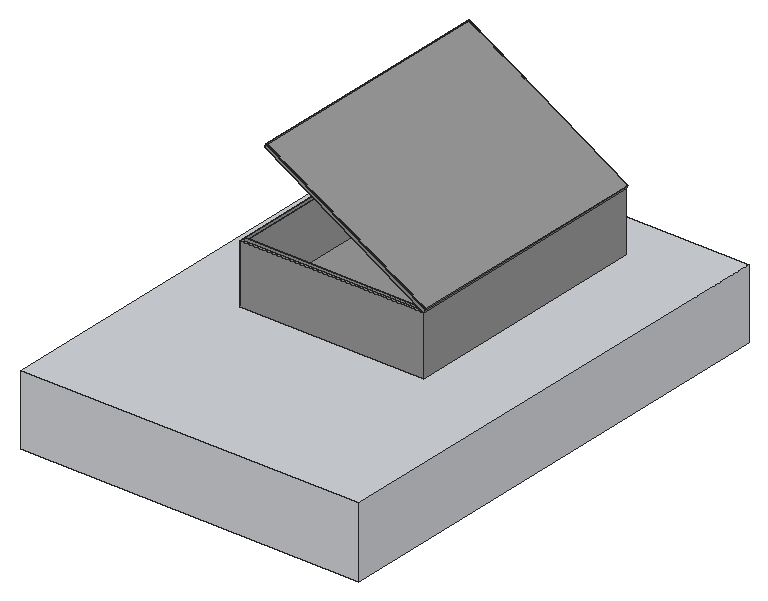
Revit family "Hager-Univers-IP55-D275-H1100-Cl.II-Steel_encl-DE-de", category Equipement électrique, Revit 2020
Family settings
  Hôte = Face
  Configuration du panneau = Deux colonnes, circuits au sein
  Cote de connecteur circulaire = Utiliser le diamètre
  Type d'élément = Tableau de raccordement
  Couper avec des vides une fois chargée = Non
  Partagée = Non
  Point de calcul de pièce = Non
Parameters (values of type "Aufputz IP55 B800 H1100 T275  - FR73S")
  Width Control [instance] = if([EF000008 - Breite] > Min Width, [EF000008 - Breite], Min Width)  # 800 mm
  Commentaires du type = [HG000003 - Bereich]  # "Univers"
  Thickness Door [instance] = if([EF009171 - Materialstärke Tür/Deckel] > 3 mm, 3 mm, [EF009171 - Materialstärke Tür/Deckel])  # 1.5 mm
  Seal Frame Offset [instance] = 17 mm  # constant formula
  Plinth Visibility [instance] = [HG000027 - Sockelhöhe] > 0 mm  # no
  Model = ""
  Min Width [instance] = 100 mm  # constant formula
  Min Height [instance] = 100 mm  # constant formula
  Min Depth [instance] = (2 * [EF009170 - Materialstärke Gehäuse]) + 1 mm  # 4 mm
  Internal Frame Depth [instance] = (Door System Depth * 0.5)  # 9 mm
  Height Control [instance] = if([EF000040 - Höhe] > Min Height, [EF000040 - Höhe], Min Height)  # 1100 mm
  HG000027 - Sockelhöhe = 0 mm
  HG000026 - Stehend auf dem Boden = no
  HG000024 - Höhe des unteren Teils = 800 mm
  HG000023 - Gehäuse mit doppeltem Querschnitt = no
  HG000016 - 3D-Türsichtbarkeit [instance] = yes
  HG000015 - Sichtbarkeit der Türöffnung [instance] = no
  HG000014 - Tür rechts [instance] = yes
  HG000013 - Tür links [instance] = not([HG000014 - Tür rechts])  # no
  HG000012 - Türschwenkwinkel [instance] = 30.00°
  HG000010 - Asymmetrische Türen = no
  HG000009 - Doppelflügeligen Tür = no
  HG000006 - Unterputz = no
  HG000004 - Herstellerreferenz = "FR73S"
  HG000003 - Bereich = "Univers"
  HG000002 - Mit tür = yes
  Frame Offset Bottom [instance] = 10 mm  # constant formula
  Frame Offset [instance] = 15 mm  # constant formula
  EF015940 - Deckel mit Überdruckentlastung = no
  EF011959 - Schutzart (NEMA) = ""
  EF009554 - Anzahl der Öffnungen für Flanschplatten = 6
  Fabricant = "Hager"  # constant formula
  EF009212 - Ausführung Deckel = "EV000116 - geschlossen"
  EF009171 - Materialstärke Tür/Deckel = 1.5 mm
  EF009170 - Materialstärke Gehäuse = 1.5 mm
  EF008873 - Nennstrom (In) = 800 A
  EF007800 - Geeignet für Blitzschutz = no
  EF006306 - Mit Schloss = no
  EF006244 - Transparenter Deckel/Tür = no
  EF005474 - Schutzart (IP) = "EV006420 - IP55"
  EF004464 - Art der Tür = "EV002646 - Einzel"
  EF004427 - Anzahl der Module = 252
  EF004293 - Schlagfestigkeit = "EV008784 - IK10"
  EF003532 - Geeignet für Außengebrauch = no
  EF002950 - Breite in Teilungseinheiten = 24
  EF001613 - Funktionserhalt = "EV000494 - ohne"
  EF001596 - Werkstoff des Gehäuses = "EV000179 - Stahl"
  EF001131 - Innentiefe = 275 mm
  EF001088 - Anbaumöglichkeit = yes
  EF000437 - Anzahl der Leitungseinführungen = 6
  EF000339 - Art der Abdeckung = "EV004216 - Tür"
  EF000266 - Anzahl der Reihen = 7
  EF000218 - Einbautiefe = 0 mm
  EF000118 - Mit Montageplatte = no
  EF000116 - RAL-Nummer = "7035"
  EF000049 - Tiefe = 275 mm
  EF000040 - Höhe = 1100 mm
  EF000008 - Breite = 800 mm
  EF000007 - Farbe = "EV000270 - grau"
  EF000003 - Montageart = "EV000384 - Aufputz"
  Door System Leaf Tolerance [instance] = 1.5 mm  # constant formula
  Door System Depth [instance] = 18 mm  # constant formula
  Door Height [instance] = Height Control - [HG000027 - Sockelhöhe]  # 1100 mm
  Depth Control [instance] = if([EF000049 - Tiefe] > Min Depth, [EF000049 - Tiefe], Min Depth)  # 275 mm
  Default Elevation = 0 mm
  Connector Offset [instance] = Height Control / 2  # 550 mm
  Bottom Top Plate Trim [instance] = 1.5 mm  # constant formula
  Plinth height Ctrl [instance] = if([HG000027 - Sockelhöhe] > 0 mm, [HG000027 - Sockelhöhe], 12 mm)  # 12 mm
Types (5, lengths in mm): name | Width Control | HG000010 - Asymmetrische Türen | HG000009 - Doppelflügeligen Tür | HG000004 - Herstellerreferenz | EF009554 - Anzahl der Öffnungen für Flanschplatten | EF004464 - Art der Tür | EF004427 - Anzahl der Module | EF000437 - Anzahl der Leitungseinführungen | EF000008 - Breite
  Aufputz IP55 B1050 H1100 T275  - FR74S | 1050 | no | yes | "FR74S" | 8 | "EV003602 - Doppel" | 336 | 8 | 1050
  Aufputz IP55 B1300 H1100 T275  - FR75S | 1300 | yes | yes | "FR75S" | 10 | "EV003602 - Doppel" | 420 | 10 | 1300
  Aufputz IP55 B300 H1100 T275  - FR71S | 300 | no | no | "FR71S" | 2 | "EV002646 - Einzel" | 84 | 2 | 300
  Aufputz IP55 B550 H1100 T275  - FR72S | 550 | no | no | "FR72S" | 4 | "EV002646 - Einzel" | 168 | 4 | 550
  Aufputz IP55 B800 H1100 T275  - FR73S | 800 | no | no | "FR73S" | 6 | "EV002646 - Einzel" | 252 | 6 | 800
Reference planes
  plane 1 "Center (Front/Back)": y = 0
  plane 2: z = 0
  plane 3 "Center (Left/Right)": x = 0
  plane 4: z = 275
  plane 5: y = 1.5
  plane 6: y = 550
  plane 7: y = 0
  plane 8: y = 1100
  plane 9: z = 0
  plane 10: x = -385
  plane 11: x = 385
  plane 12: x = 383.5
  plane 13: x = -383.5
  plane 14: y = 1098.5
  plane 15: x = -383
  plane 16: x = -400
  plane 17: x = 383
  plane 18: x = 400
  plane 19: x = 398.5
  plane 20: x = -398.5
  plane 21: y = 11.5
  plane 22: y = 1100
  plane 23: y = 1083.5
  plane 24: z = 257
  plane 25: z = 1.5
  plane 26: z = 255.5
  plane 27: z = 273.5
Forms (mm)
  Extrusion 1, solid
    sketch origin (0, 0, 0) x (1, 0, 0) y (0, 1, 0)
      loop
        line (-702.964, 1305) -> (-702.964, -811.445) -> (766.763, -811.445) -> (766.763, 1305) -> (-702.964, 1305)
    from 0 to -304.8
  Extrusion 2, solid, material "Hager_Steel_RAL7035_Light_Grey", visible <- "Plinth Visibility", detail levels medium+fine
    sketch origin (0, 0, 0) x (1, 0, 0) y (0, 1, 0)
      loop
        line (-400, 0) -> (400, 0) -> (400, 12) -> (-400, 12) -> (-400, 0)
    from 0 to 257
  Extrusion 3, solid, material "Hager_Steel_RAL7035_Light_Grey", detail levels medium+fine
    sketch origin (0, 0, 0) x (1, 0, 0) y (0, 1, 0)
      loop
        line (-400, 0) -> (400, 0) -> (400, 1100) -> (-400, 1100) -> (-400, 0)
    from 0 to 257
  Extrusion 4, void
    sketch origin (0, 0, 0) x (1, 0, 0) y (0, 1, 0)
      loop
        line (-398.5, 1.5) -> (398.5, 1.5) -> (398.5, 1098.5) -> (-398.5, 1098.5) -> (-398.5, 1.5)
    from 1.5 to 255.5
  Extrusion 5, void
    sketch origin (-381.607, -4572, 257) x (0, -1, 0) y (-1, 0, 0)
      loop
        line (-4583.5, 1.893) -> (-5655.5, 1.893) -> (-5655.5, -765.107) -> (-4583.5, -765.107) -> (-4583.5, 1.893)
    from 0 to 1.5 <- "EF009170 - Materialstärke Gehäuse"
  Extrusion 6, solid, material "Hager_Steel_RAL7035_Light_Grey", detail levels fine
    sketch origin (0, 0, 257) x (1, 0, 0) y (0, 1, 0)
      loop
        line (-383.5, 1083.5) -> (-383.5, 11.5) -> (383.5, 11.5) -> (383.5, 1083.5) -> (-383.5, 1083.5)
      loop
        line (-385, 10) -> (385, 10) -> (385, 1085) -> (-385, 1085) -> (-385, 10)
    from 0 to 9 <- "Internal Frame Depth"
  Extrusion 7, solid, material "Hager_Steel_RAL7035_Light_Grey", detail levels coarse
    sketch origin (0, 0, 0) x (1, 0, 0) y (0, 1, 0)
      loop
        line (-400, 0) -> (400, 0) -> (400, 1100) -> (-400, 1100) -> (-400, 0)
    from 0 to 275
  Sweep 8, void
    path in 3D
      loop
        line (-400, 12, 0) -> (400, 12, 0) -> (400, 12, 257) -> (-400, 12, 257) -> (-400, 12, 0)
    profile origin (-400, 12, 128.5) x (-1, 0, 0) y (0, -1, 0)
      loop
        line (0, 0) -> (0, 1.5) -> (-1.5, 1.5)
        arc (-1.5, 1.5) -> (-1.061, 0.439) -> (0, 0) r 1.5
Cuts and joins
  Extrusion 4, Extrusion 5 cuts Extrusion 3
  Sweep 8 cuts Extrusion 2
Lines and regions (mm)
  Masking region 1
    outline origin (0, 0, 0) x (1, 0, 0) y (0, 0, 1)
      loop
        line (-400, 275) -> (-400, 0) -> (400, 0) -> (400, 275) -> (-400, 275)
  Masking region 2, detail levels medium+fine
    outline origin (0, 140, 0) x (0, 1, 0) y (0, 0, 1)
      loop
        line (-140, 0) -> (960, 0) -> (960, 257) -> (-140, 257) -> (-140, 0)
  Masking region 3, not visible, detail levels medium+fine
    outline origin (0, 297.922, 0) x (0, 1, 0) y (0, 0, 1)
      loop
        line (263.578, 0) -> (303.578, 0) -> (303.578, 263.5)
        arc (303.578, 263.5) -> (300.649, 270.571) -> (293.578, 273.5) r 10
        line (293.578, 273.5) -> (263.578, 273.5) -> (263.578, 0)
  Masking region 4, detail levels coarse
    outline origin (0, 0, 180) x (0, 1, 0) y (0, 0, 1)
      loop
        line (0, -180) -> (1100, -180) -> (1100, 95) -> (0, 95) -> (0, -180)
  Masking region 5, visible <- "Plinth Visibility", detail levels medium+fine
    outline origin (0, 52.24, 12.345) x (0, 0, -1) y (0, 1, 0)
      loop
        line (10.845, -40.24) -> (-243.155, -40.24)
        arc (-243.155, -40.24) -> (-243.594, -41.301) -> (-244.655, -41.74) r 1.5
        line (-244.655, -41.74) -> (-244.655, -52.24) -> (12.345, -52.24) -> (12.345, -41.74)
        arc (12.345, -41.74) -> (11.285, -41.301) -> (10.845, -40.24) r 1.5
  Masking region 6, detail levels medium+fine
    outline origin (-381.607, -4572, 257) x (-1, 0, 0) y (0, -1, 0)
      loop
        line (18.393, -5672) -> (18.393, -4572) -> (-781.607, -4572) -> (-781.607, -5672) -> (18.393, -5672)
  Masking region 7, visible <- "Plinth Visibility", detail levels medium+fine
    outline origin (-381.607, -4727, 257) x (-1, 0, 0) y (0, -1, 0)
      loop
        arc (16.893, -4739) -> (17.332, -4737.939) -> (18.393, -4737.5) r 1.5
        line (18.393, -4737.5) -> (18.393, -4727) -> (-781.607, -4727) -> (-781.607, -4737.5)
        arc (-781.607, -4737.5) -> (-780.546, -4737.939) -> (-780.107, -4739) r 1.5
        line (-780.107, -4739) -> (16.893, -4739)
  Masking region 8, detail levels coarse
    outline origin (-442.548, -4669.526, 257) x (-1, 0, 0) y (0, -1, 0)
      loop
        line (-42.548, -5769.526) -> (-42.548, -4669.526) -> (-842.548, -4669.526) -> (-842.548, -5769.526) -> (-42.548, -5769.526)
  sketch lines
    curve 1: line (-400, 12, 257) -> (-400, 12, 0)
    curve 2: line (400, 12, 257) -> (-400, 12, 257)
    curve 3: line (400, 12, 257) -> (400, 12, 0)
    curve 4: line (-400, 12, 0) -> (400, 12, 0)
Dimensions and locks
  "Depth Control": plane 4 to Extrusion 1
  "HG000027 - Sockelhöhe": plane 1 "Center (Front/Back)" to plane 7
  "EF009170 - Materialstärke Gehäuse": plane 5 to plane 7
  locked: connector elem to plane 3 "Center (Left/Right)"
  equal spacing: plane 8, plane 6, plane 7
  locked: connector elem to plane 6
  "EF009170 - Materialstärke Gehäuse": plane 8 to plane 14
  "EF009170 - Materialstärke Gehäuse": plane 10 to plane 13
  "EF009170 - Materialstärke Gehäuse": plane 12 to plane 11
  "Frame Offset": plane 20 to plane 13
  "Frame Offset": plane 12 to plane 19
  "EF009170 - Materialstärke Gehäuse": plane 16 to plane 20
  "EF009170 - Materialstärke Gehäuse": plane 19 to plane 18
  "Seal Frame Offset": plane 16 to plane 15
  "Seal Frame Offset": plane 17 to plane 18
  "Frame Offset Bottom": plane 21 to plane 5
  "Frame Offset": plane 14 to plane 23
  equal spacing: plane 16, plane 3 "Center (Left/Right)", plane 18
  "Width Control": plane 16 to plane 18
  "EF009170 - Materialstärke Gehäuse": plane 4 to plane 27
  "EF009170 - Materialstärke Gehäuse": plane 24 to plane 26
  "EF009170 - Materialstärke Gehäuse": plane 25 to level
  "Door System Depth": plane 4 to plane 24
  "Height Control": plane 1 "Center (Front/Back)" to Extrusion 7 sketch curve
  "Height Control": Masking region 4 sketch curve to plane 1 "Center (Front/Back)"
  "Height Control": plane 1 "Center (Front/Back)" to plane 22
  "Bottom Top Plate Trim": profile plane to Sweep 8 sketch curve
  "Bottom Top Plate Trim": Sweep 8 sketch curve to profile plane
  "Plinth height Ctrl": plane 1 "Center (Front/Back)" to Extrusion 2 sketch curve
  "Plinth height Ctrl": Masking region 5 sketch curve to plane 1 "Center (Front/Back)"
  "Plinth height Ctrl": plane 1 "Center (Front/Back)" to Masking region 7 sketch curve
  "Thickness Door": Extrusion 6 sketch curve to Extrusion 6 sketch curve  (x3)
  "Thickness Door": cut or joined group of Extrusion 3, Extrusion 4, Extrusion 5 to Extrusion 6 sketch curve
  radius of Masking region 3 sketch curve = 10 mm
  "Bottom Top Plate Trim": radius of Masking region 5 sketch curve  (x2)
  "Bottom Top Plate Trim": radius of Sweep 8 sketch curve
  "Bottom Top Plate Trim": radius of Masking region 7 sketch curve  (x2)
  aligned and locked: plane 2 to Extrusion 1
  aligned and locked: level to Extrusion 1
  aligned and locked: level to Masking region 1 sketch curve
  aligned and locked: Masking region 1 sketch curve to plane 18
  aligned and locked: Masking region 1 sketch curve to plane 16
  aligned and locked: plane 7 to Masking region 2 sketch curve
  aligned and locked: level to Masking region 3 sketch curve
  aligned and locked: Masking region 3 sketch curve to plane 27
  aligned and locked: level to Masking region 2 sketch curve
  aligned and locked: plane 1 "Center (Front/Back)" to Extrusion 2 sketch curve
  aligned and locked: Extrusion 3 sketch curve to plane 7
  aligned and locked: plane 16 to Extrusion 3 sketch curve
  aligned and locked: plane 18 to Extrusion 3 sketch curve
  aligned and locked: plane 20 to Extrusion 4 sketch curve
  aligned and locked: plane 19 to Extrusion 4 sketch curve
  aligned and locked: Extrusion 4 sketch curve to plane 5
  aligned and locked: Extrusion 4 to plane 25
  aligned and locked: plane 26 to Extrusion 4
  aligned and locked: plane 24 to Extrusion 3
  aligned and locked: Extrusion 5 sketch curve to plane 21
  aligned and locked: Extrusion 5 sketch curve to plane 13
  aligned and locked: Extrusion 5 sketch curve to plane 12
  aligned and locked: plane 18 to Extrusion 7 sketch curve
  aligned and locked: plane 1 "Center (Front/Back)" to Extrusion 7 sketch curve
  aligned and locked: plane 16 to Extrusion 7 sketch curve
  aligned and locked: plane 4 to Extrusion 7
  aligned and locked: Extrusion 7 to level
  aligned and locked: level to Masking region 4 sketch curve
  aligned and locked: Masking region 4 sketch curve to plane 1 "Center (Front/Back)"
  aligned and locked: Masking region 4 sketch curve to plane 4
  aligned and locked: nested 1 to level
  aligned and locked: nested 1 to plane 16
  aligned and locked: plane 8 to Extrusion 3 sketch curve
  aligned and locked: plane 23 to Extrusion 5 sketch curve
  aligned and locked: plane 14 to Extrusion 4 sketch curve
  aligned and locked: Masking region 2 sketch curve to plane 8
  aligned and locked: level to Masking region 5 sketch curve
  aligned and locked: plane 16 to Extrusion 2 sketch curve
  aligned and locked: plane 18 to Extrusion 2 sketch curve
  aligned and locked: Masking region 5 sketch curve to plane 24
  aligned and locked: Masking region 2 sketch curve to plane 24
  aligned and locked: plane 24 to Extrusion 2
  aligned and locked: profile plane to Sweep 8 sketch curve  (x2)
  aligned and locked: Masking region 6 sketch curve to plane 18
  aligned and locked: Masking region 6 sketch curve to plane 22
  aligned and locked: Masking region 6 sketch curve to plane 16
  aligned and locked: plane 8 to plane 22
  aligned and locked: Masking region 6 sketch curve to plane 7
  aligned and locked: Masking region 7 sketch curve to plane 16
  aligned and locked: Masking region 7 sketch curve to plane 1 "Center (Front/Back)"
  aligned and locked: Masking region 7 sketch curve to plane 18
  aligned and locked: Masking region 8 sketch curve to plane 1 "Center (Front/Back)"
  aligned and locked: Masking region 8 sketch curve to plane 18
  aligned and locked: Masking region 8 sketch curve to plane 22
  aligned and locked: Masking region 8 sketch curve to plane 16
  aligned and locked: nested 2 to plane 7
  aligned and locked: plane 3 "Center (Left/Right)" to nested 2
  aligned and locked: nested 2 to plane 24
  aligned and locked: Extrusion 6 sketch curve to cut or joined group of Extrusion 3, Extrusion 4, Extrusion 5  (x4)
Automatic sketch dimensions
  Extrusion 1 sketch curve to Extrusion 1 sketch curve = 1469.727 mm
  Extrusion 1 sketch curve to Extrusion 1 sketch curve = 2116.445 mm
  Masking region 1 sketch curve to plane 4 = 0 mm
  plane 6 to Masking region 3 sketch curve = 11.5 mm
  Masking region 3 sketch curve to Masking region 3 sketch curve = 30 mm
  Masking region 5 sketch curve to plane 1 "Center (Front/Back)" = 0 mm
Nested families
  nested 1: "Hager_Enclosure_Symbol" at (-400, 0, 0) x (1, 0, 0) z (0, -1, 0), Height <- "Depth Control", Width <- "Width Control", type "Hager_Enclosure_Symbol"
    with Width_Ctrl 800 mm, Width 800 mm, Height_Ctrl 275 mm, Height 275 mm, A_Width_Int 18.047 mm, A_Width 216.562 mm, A_Height_Ctrl 240.625 mm, A_Height 240.625 mm
  nested 2: "EC000058_Univers_Door" at (0, 0, 257) x (1, 0, 0) z (0, 1, 0), Leaf_Tolerance <- "Door System Leaf Tolerance", Angle <- "HG000012 - Türschwenkwinkel", Door_Depth <- "Door System Depth", Door_Left <- "HG000013 - Tür links", Transparent <- "EF006244 - Transparenter Deckel/Tür", Assymetrical <- "HG000010 - Asymmetrische Türen", Width <- "Width Control", Clearance <- "HG000015 - Sichtbarkeit der Türöffnung", Double <- "HG000009 - Doppelflügeligen Tür", 3d_Door <- "HG000016 - 3D-Türsichtbarkeit", Lock_Visibility <- "EF006306 - Mit Schloss", Width_Ctrl <- "Width Control", Door_Right <- "HG000014 - Tür rechts", Door <- "HG000002 - Mit tür", Height <- "Door Height", Thickness <- "Thickness Door", type "EC000058_Univers_Door", detail levels medium+fine
    with min_wh 4 mm, Width_Ctrl 800 mm, Width 800 mm, Transparent no, Thickness 1.5 mm, Seal_Material Hager_Rubber, Lock_Visibility no, Lock_Material Hager_Plastic_RAL9005_Jet_Black, Leaf_Width 800 mm, Leaf_Tolerance_External_Sides 0 mm, Leaf_Tolerance 1.5 mm, Leaf_Offset 0 mm, Leaf_Height 1097 mm, Leaf_2_Width 800 mm, Leaf_2_Offset 400 mm, Leaf_1_Width 800 mm, Leaf_1_Offset 400 mm, Height_Ctrl 1100 mm, Height 1100 mm, Glass_Material Hager_Glass, Double_Clearance_Ctrl no, Double no, Door_Right_Ctrl yes, Door_Right yes, Door_Material Hager_Steel_RAL7035_Light_Grey, Door_Left_Ctrl no, Door_Left no, Door_Depth 18 mm, Door yes, Clearance_Material Hager_Clearance, Clearance_Depth 800 mm, Clearance_Ctrl no, Clearance no, Assymetrical no, Angle 30.00°, 3d_Door yes
Connectors
  electrical at (0, 550, 0)
    settings: on plane 9, index 1, voltage 0 V, apparent load 0 VA, apparent load phase1 0 VA, apparent load phase2 0 VA, apparent load phase3 0 VA, power factor 1, load classification "Other", number of poles 1, system type 30, power factor state 1, is connector primary yes, connector utility no, sub classification motor no, connector description ""
Definition of nested family "EC000058_Univers_Door"
  Parameters (values of type "EC000058_Univers_Door")
    min_wh [instance] = (2 * Thickness) + 1 mm  # 11 mm
    Width_Ctrl [instance] = 400 mm
    Width [instance] = 500 mm
    Transparent [instance] = yes
    Thickness [instance] = 5 mm
    Seal_Material [instance] = none
    Lock_Visibility [instance] = yes
    Lock_Material [instance] = none
    Leaf_Width [instance] = if((Width_Ctrl - 2 * Leaf_Tolerance_External_Sides) > 0 mm, (Width_Ctrl - 2 * Leaf_Tolerance_External_Sides), min_wh)  # 400 mm
    Leaf_Tolerance_External_Sides [instance] = 0 mm  # constant formula
    Leaf_Tolerance [instance] = 1.5 mm
    Leaf_Offset [instance] = 0 mm  # constant formula
    Leaf_Height [instance] = if((Height_Ctrl - 2 * Leaf_Tolerance) > 0 mm, (Height_Ctrl - 2 * Leaf_Tolerance), min_wh)  # 497 mm
    Leaf_2_Width [instance] = if(and(and(Double, Assymetrical), Door_Left), (Leaf_Width / 3) - (Leaf_Tolerance / 2), if(and(and(Double, Assymetrical), Door_Right), (Leaf_Width / 3) * 2 - (Leaf_Tolerance / 2), if(and(Double, not(Assymetrical)), (Leaf_Width / 2) - Leaf_Tolerance, Leaf_Width)))  # 400 mm
    Leaf_2_Offset [instance] = if(and(Double, Assymetrical), Leaf_2_Width / 2, if(and(Double, not(Assymetrical)), Leaf_Width / 4, Leaf_Width / 2))  # 200 mm
    Leaf_1_Width [instance] = if(and(and(Double, Assymetrical), Door_Right), (Leaf_Width / 3) - (Leaf_Tolerance / 2), if(and(and(Double, Assymetrical), Door_Left), (Width / 3) * 2 - (Leaf_Tolerance / 2), if(and(Double, not(Assymetrical)), (Leaf_Width / 2) - Leaf_Tolerance, Leaf_Width)))  # 400 mm
    Leaf_1_Offset [instance] = if(and(Double, Assymetrical), Leaf_1_Width / 2, if(and(Double, not(Assymetrical)), Leaf_Width / 4, Leaf_Width / 2))  # 200 mm
    Height_Ctrl [instance] = if(Height > min_wh, Height, min_wh)  # 500 mm
    Height [instance] = 500 mm
    Glass_Material [instance] = none
    Double_Clearance_Ctrl [instance] = and(Double, Clearance)  # no
    Double [instance] = no
    Door_Right_Ctrl [instance] = and(or(Door_Right, Double), Door)  # yes
    Door_Right [instance] = yes
    Door_Material [instance] = none
    Door_Left_Ctrl [instance] = and(or(Door_Left, Double), Door)  # no
    Door_Left [instance] = no
    Door_Depth [instance] = 30 mm
    Door [instance] = yes
    Default Elevation = 1219.2 mm
    Clearance_Material [instance] = none
    Clearance_Depth [instance] = if(Leaf_1_Width > Leaf_2_Width, Leaf_1_Width, Leaf_2_Width)  # 400 mm
    Clearance_Ctrl [instance] = and(not(Double), Clearance)  # yes
    Clearance [instance] = yes
    Assymetrical [instance] = yes
    Angle [instance] = 30.00°
    3d_Door [instance] = yes
  Reference planes
    plane 1 "Center (Front/Back)": y = 0
    plane 2 "Bottom": z = 0
    plane 3 "Center (Left/Right)": x = 0
    plane 4: z = 500
    plane 5: x = -200
    plane 6: x = 200
    plane 7: z = 500
    plane 8: x = -200
    plane 9: z = 0
    plane 10: x = 200
    plane 11: y = 0
    plane 12: z = 1.5
    plane 13: x = -600
    plane 14: y = -400
    plane 15: x = 600
    plane 16: x = 0
    plane 17: x = 0
    plane 18: x = -200
    plane 19: x = 200
    plane 20: z = 498.5
  Forms (mm)
    Extrusion 1, solid, material <- "Clearance_Material", visible <- "Double_Clearance_Ctrl"
      sketch origin (1200, 0, 0) x (1, 0, 0) y (0, 0, -1)
        loop
          line (-1800, -498.5) -> (-600, -498.5) -> (-600, 0) -> (-1800, 0) -> (-1800, -498.5)
      from 0 to -400
  Dimensions and locks
    equal spacing: plane 5, plane 3 "Center (Left/Right)", plane 6
    "Width_Ctrl": plane 5 to plane 6
    "Leaf_Offset": plane 5 to plane 8
    "Leaf_Offset": plane 6 to plane 10
    "Leaf_Offset": plane 9 to level
    "Leaf_Offset": plane 4 to plane 7
    "Height_Ctrl": plane 4 to level
    "Leaf_Tolerance": plane 12 to plane 9
    locked: plane 11 to plane 1 "Center (Front/Back)"
    "Leaf_1_Offset": plane 18 to plane 16
    "Leaf_2_Offset": plane 17 to plane 19
    "Leaf_1_Width": plane 13 to plane 8
    "Leaf_2_Width": plane 10 to plane 15
    "Clearance_Depth": plane 14 to plane 1 "Center (Front/Back)"
    "Leaf_Tolerance_External_Sides": plane 8 to plane 18
    "Leaf_Tolerance_External_Sides": plane 19 to plane 10
    "Leaf_Tolerance": plane 7 to plane 20
    aligned and locked: level to plane 2 "Bottom"
    aligned and locked: nested 1 to plane 16
    aligned and locked: nested 2 to plane 17
    aligned and locked: Extrusion 1 to plane 13
    aligned and locked: plane 15 to Extrusion 1
    aligned and locked: Extrusion 1 to plane 14
    aligned and locked: plane 12 to nested 1
    aligned and locked: nested 2 to plane 12
    aligned and locked: Extrusion 1 to plane 11
    aligned and locked: plane 20 to Extrusion 1
    aligned and locked: nested 2 to plane 11
    aligned and locked: nested 1 to plane 11
  Automatic sketch dimensions
    Extrusion 1 sketch curve to level = 0 mm
    plane 5 to Extrusion 1 sketch curve = 400 mm
    plane 6 to Extrusion 1 sketch curve = 400 mm
    Extrusion 1 sketch curve to plane 4 = 1.5 mm
  Nested families
    nested 1: "EC000058_Univers_Door_Leaf" at (0, 0, 1.5), Width <- "Leaf_1_Width", visible <- "Door_Left_Ctrl", Leaf_Height <- "Leaf_Height", Angle <- "Angle", 3d_Door <- "3d_Door", Transparent <- "Transparent", Clearance Material <- "Clearance_Material", Clearance <- "Clearance_Ctrl", Door_Material <- "Door_Material", Glass_Material <- "Glass_Material", Door_Depth <- "Door_Depth", Lock_Material <- "Lock_Material", Seal_Material <- "Seal_Material", Lock_Visibility <- "Lock_Visibility", Thickness <- "Thickness", type "EC000058_Univers_Door_Leaf"
      with Width 400 mm, Transparent_Glass_Offset 30 mm, Transparent_Ctrl yes, Transparent yes, Thickness 5 mm, Standard no, Seal_Material none, Seal_D2 8 mm, Seal_D1 1 mm, Offset_Internal_Frame 10 mm, Lock_Width 20 mm, Lock_Visibility_3d yes, Lock_Visibility yes, Lock_Thickness_3 3 mm, Lock_Thickness_2 1 mm, Lock_Thickness_1 3 mm, Lock_Radius_Offset_2 16 mm, Lock_Radius_Offset_1 15 mm, Lock_Radius_2 5 mm, Lock_Radius 6 mm, Lock_Offset 5 mm, Lock_Material none, Lock_Height 80 mm, Lock_Cover_Top_Offset_2d 17 mm, Lock_Cover_Height -65 mm, Leaf_Height 497 mm, Internal_Seal_Thickness 8 mm, Internal_Seal_Depth_2 4.5 mm, Internal_Frame_Depth 25 mm, Glass_Thickness -1 mm, Glass_Offset -2 mm, Glass_Material none, Door_Material none, Door_Depth 30 mm, Clearance Material none, Clearance yes, Angle_Ctrl 30.00°, Angle 30.00°, 3d_Door yes
    nested 2: "EC000058_Univers_Door_Leaf" at (0, 0, 1.5) x (-1, 0, 0) z (0, 0, 1), Width <- "Leaf_2_Width", visible <- "Door_Right_Ctrl", Leaf_Height <- "Leaf_Height", Angle <- "Angle", 3d_Door <- "3d_Door", Transparent <- "Transparent", Clearance Material <- "Clearance_Material", Clearance <- "Clearance_Ctrl", Door_Material <- "Door_Material", Glass_Material <- "Glass_Material", Door_Depth <- "Door_Depth", Lock_Material <- "Lock_Material", Seal_Material <- "Seal_Material", Lock_Visibility <- "Lock_Visibility", Thickness <- "Thickness", type "EC000058_Univers_Door_Leaf"
      with Width 400 mm, Transparent_Glass_Offset 30 mm, Transparent_Ctrl yes, Transparent yes, Thickness 5 mm, Standard no, Seal_Material none, Seal_D2 8 mm, Seal_D1 1 mm, Offset_Internal_Frame 10 mm, Lock_Width 20 mm, Lock_Visibility_3d yes, Lock_Visibility yes, Lock_Thickness_3 3 mm, Lock_Thickness_2 1 mm, Lock_Thickness_1 3 mm, Lock_Radius_Offset_2 16 mm, Lock_Radius_Offset_1 15 mm, Lock_Radius_2 5 mm, Lock_Radius 6 mm, Lock_Offset 5 mm, Lock_Material none, Lock_Height 80 mm, Lock_Cover_Top_Offset_2d 17 mm, Lock_Cover_Height -65 mm, Leaf_Height 497 mm, Internal_Seal_Thickness 8 mm, Internal_Seal_Depth_2 4.5 mm, Internal_Frame_Depth 25 mm, Glass_Thickness -1 mm, Glass_Offset -2 mm, Glass_Material none, Door_Material none, Door_Depth 30 mm, Clearance Material none, Clearance yes, Angle_Ctrl 30.00°, Angle 30.00°, 3d_Door yes
  Definition of nested family "EC000058_Univers_Door_Leaf"
    Parameters (values of type "EC000058_Univers_Door_Leaf")
      Width [instance] = 2000 mm
      Transparent_Glass_Offset [instance] = 30 mm
      Transparent_Ctrl [instance] = and(Transparent, [3d_Door])  # yes
      Transparent [instance] = yes
      Thickness [instance] = 5 mm
      Standard [instance] = and(not(Transparent), [3d_Door])  # no
      Seal_Material [instance] = none
      Seal_D2 [instance] = 8 mm  # constant formula
      Seal_D1 [instance] = 1 mm  # constant formula
      Offset_Internal_Frame [instance] = 10 mm  # constant formula
      Lock_Width [instance] = 20 mm  # constant formula
      Lock_Visibility_3d [instance] = and(Lock_Visibility, [3d_Door])  # yes
      Lock_Visibility [instance] = yes
      Lock_Thickness_3 [instance] = 3 mm  # constant formula
      Lock_Thickness_2 [instance] = 1 mm  # constant formula
      Lock_Thickness_1 [instance] = 3 mm  # constant formula
      Lock_Radius_Offset_2 [instance] = Lock_Radius_Offset_1 + 1 mm  # 16 mm
      Lock_Radius_Offset_1 [instance] = 15 mm  # constant formula
      Lock_Radius_2 [instance] = Lock_Radius - 1 mm  # 5 mm
      Lock_Radius [instance] = 6 mm  # constant formula
      Lock_Offset [instance] = 5 mm  # constant formula
      Lock_Material [instance] = none
      Lock_Height [instance] = 80 mm  # constant formula
      Lock_Cover_Top_Offset_2d [instance] = Lock_Radius_Offset_2 + 1 mm  # 17 mm
      Lock_Cover_Height [instance] = -(Lock_Height - Lock_Radius_Offset_1)  # -65 mm
      Leaf_Height [instance] = 2720.336 mm
      Internal_Seal_Thickness [instance] = 8 mm  # constant formula
      Internal_Seal_Depth_2 [instance] = 4.5 mm  # constant formula
      Internal_Frame_Depth [instance] = if(Door_Depth - Thickness > 5 mm, Door_Depth - Thickness, 5 mm)  # 25 mm
      Glass_Thickness [instance] = if(Thickness > 15 mm, Glass_Offset + 10 mm, -1 mm)  # -1 mm
      Glass_Offset [instance] = if(Thickness > 15 mm, -(Thickness + 10 mm) / 2, -2 mm)  # -2 mm
      Glass_Material [instance] = none
      Door_Material [instance] = none
      Door_Depth [instance] = 30 mm
      Default Elevation = 0 mm
      Clearance Material [instance] = none
      Clearance [instance] = yes
      Angle_Ctrl [instance] = if(Angle > 180.00°, 180.00°, Angle)  # 90.00°
      Angle [instance] = 90.00°
      3d_Door [instance] = yes
    Reference planes
      plane 1 "Center (Front/Back)": y = 0
      plane 2: z = 0
      plane 3 "Center (Left/Right)": x = 0
      plane 4: y = 2000
      plane 5: x = -1000
      plane 6: x = 1000
      plane 7: x = -3000
      plane 8: z = 2720.336
      plane 9: z = 30
      plane 10: z = 2690.336
      plane 11: x = 970
      plane 12: x = -970
      plane 13: y = -3
      plane 14: z = 107.833
      plane 15: y = -5
      plane 16: y = -223.314
      plane 17: x = -1000
      plane 18: z = 1360.168
      plane 19: y = 30
    Forms (mm)
      Extrusion 1, solid, material <- "Clearance Material", visible <- "Clearance"
        sketch origin (0, 0, 0) x (1, 0, 0) y (0, 0, 1)
          loop
            line (-3000, 2720.336) -> (-3000, 0) -> (1000, 0) -> (1000, 2720.336) -> (-3000, 2720.336)
        from 0 to -2000
      Extrusion 2, solid, material <- "Door_Material", visible <- "Standard", detail levels medium+fine
        sketch origin (-1000, 0, 0) x (0, 1, 0) y (-1, 0, 0)
          loop
            line (0, 30) -> (0, 25) -> (2000, 25) -> (2000, 30) -> (0, 30)
        from 0 to 2720.336 <- "Leaf_Height"
      Extrusion 3, solid, material <- "Door_Material", visible <- "Transparent_Ctrl", detail levels medium+fine
        sketch origin (-1000, 0, 0) x (0, 1, 0) y (-1, 0, 0)
          loop
            line (0, 25) -> (2000, 25) -> (2000, 30) -> (0, 30) -> (0, 25)
        from 0 to 2720.336 <- "Leaf_Height"
      Extrusion 4, void
        sketch origin (-1025, 2000, 0) x (0, 1, 0) y (0, 0, -1)
          loop
            line (-30, -2690.336) -> (-30, -30) -> (-1970, -30) -> (-1970, -2690.336) -> (-30, -2690.336)
        from 0 to 5 <- "Thickness"
      Sweep 5, solid, material <- "Seal_Material", visible <- "Transparent_Ctrl", detail levels fine
        path in 3D
          loop
            line (-1025, 30, 30) -> (-1025, 30, 2690.336) -> (-1025, 1970, 2690.336) -> (-1025, 1970, 30) -> (-1025, 30, 30)
        profile origin (-1025, 1000, 30) x (1, 0, 0) y (0, 0, 1)
          loop
            line (0, 0) -> (0, -8) -> (1, -8) -> (1, 0) -> (0, 0)
      Extrusion 6, solid, material <- "Glass_Material", visible <- "Transparent_Ctrl", detail levels medium+fine
        sketch origin (-1030, 0, 0) x (0, 1, 0) y (0, 0, -1)
          loop
            line (1970, -2690.336) -> (1970, -30) -> (30, -30) -> (30, -2690.336) -> (1970, -2690.336)
        from -2 <- "Glass_Offset" to -1 <- "Glass_Thickness"
      Extrusion 7, solid, material <- "Door_Material", visible <- "3d_Door", detail levels medium+fine
        sketch origin (-1025, 2000, 0) x (0, -1, 0) y (0, 0, -1)
          loop
            line (0, -2720.336) -> (2000, -2720.336) -> (2000, 0) -> (0, 0) -> (0, -2720.336)
          loop
            line (1995, -5) -> (5, -5) -> (5, -2715.336) -> (1995, -2715.336) -> (1995, -5)
        from 0 to 25 <- "Internal_Frame_Depth"
      Sweep 8, solid, material <- "Seal_Material", visible <- "Transparent_Ctrl", detail levels fine
        path in 3D
          loop
            line (-1025, 0, 0) -> (-1025, 2000, 0) -> (-1025, 2000, 2720.336) -> (-1025, 0, 2720.336) -> (-1025, 0, 0)
        profile origin (-1025, 0, 1360.168) x (1, 0, 0) y (0, 1, 0)
          loop
            line (0, 10) -> (2.975, 10)
            arc (2.975, 10) -> (4.053, 10.447) -> (4.5, 11.525) r 1.525
            line (4.5, 11.525) -> (4.5, 16.527)
            arc (4.5, 16.527) -> (4.069, 17.569) -> (3.027, 18) r 1.473
            line (3.027, 18) -> (0, 18) -> (0, 10)
      Extrusion 9, solid, material <- "Lock_Material", visible <- "Lock_Visibility_3d", detail levels fine
        sketch origin (-1030, 0, 0) x (0, 1, 0) y (0, 0, -1)
          loop
            arc (1993.5, -1400.168) -> (1994.561, -1399.729) -> (1995, -1398.668) r 1.5
            line (1995, -1398.668) -> (1995, -1320.168) -> (1975, -1320.168) -> (1975, -1398.668)
            arc (1975, -1398.668) -> (1975.439, -1399.729) -> (1976.5, -1400.168) r 1.5
            line (1976.5, -1400.168) -> (1993.5, -1400.168)
        from 3 <- "Lock_Thickness_1" to 0
      Blend 10, solid, material <- "Lock_Material", visible <- "Lock_Visibility_3d", detail levels fine
        base sketch origin (-1033, 0, 0) x (0, 1, 0) y (0, 0, -1)
          loop
            line (1975, -1320.168) -> (1975, -1398.668)
            arc (1975, -1398.668) -> (1975.439, -1399.729) -> (1976.5, -1400.168) r 1.5
            line (1976.5, -1400.168) -> (1993.5, -1400.168)
            arc (1993.5, -1400.168) -> (1994.561, -1399.729) -> (1995, -1398.668) r 1.5
            line (1995, -1398.668) -> (1995, -1320.168) -> (1975, -1320.168)
        top sketch origin (-1033, 0, 0) x (0, 1, 0) y (0, 0, -1)
          loop
            line (1976, -1320.168) -> (1976, -1398.668)
            arc (1976, -1398.668) -> (1976.146, -1399.022) -> (1976.5, -1399.168) r 0.5
            line (1976.5, -1399.168) -> (1993.5, -1399.168)
            arc (1993.5, -1399.168) -> (1993.854, -1399.022) -> (1994, -1398.668) r 0.5
            line (1994, -1398.668) -> (1994, -1320.168) -> (1976, -1320.168)
        from 0 to 1 <- "Lock_Thickness_2"
      Blend 11, solid, material <- "Lock_Material", visible <- "Lock_Visibility_3d", detail levels fine
        base sketch origin (-1034, 0, 0) x (0, 1, 0) y (0, 0, -1)
          loop
            line (1978, -1320.168) -> (1978, -1384.168)
            arc (1978, -1384.168) -> (1985, -1391.168) -> (1992, -1384.168) r 7
            line (1992, -1384.168) -> (1992, -1320.168) -> (1978, -1320.168)
        top sketch origin (-1034, 0, 0) x (0, 1, 0) y (0, 0, -1)
          loop
            line (1991, -1320.168) -> (1979, -1320.168) -> (1979, -1383.168)
            arc (1979, -1383.168) -> (1985, -1389.168) -> (1991, -1383.168) r 6
            line (1991, -1383.168) -> (1991, -1320.168)
        from 0 to 3 <- "Lock_Thickness_3"
      Extrusion 12, solid, material <- "Lock_Material", visible <- "Lock_Visibility_3d", detail levels fine
        sketch origin (-1030, 1975, 1320.168) x (1, 0, 0) y (0, -1, 0)
          loop
            line (-7, -19) -> (-7, -1) -> (0, -1) -> (0, 0) -> (-8, 0) -> (-8, -20) -> (0, -20) -> (0, -19) -> (-7, -19)
        from 0 to -65 <- "Lock_Cover_Height"
      Extrusion 13, void
        sketch origin (-1038, 1995, 1320.168) x (-1, 0, 0) y (0, 0, -1)
          loop
            line (-5, -65) -> (0, -65) -> (-5, -60) -> (-5, -65)
        from 0 to 20 <- "Lock_Width"
      Extrusion 14, void
        sketch origin (-1038, 1975, 1320.168) x (0, -1, 0) y (0, 0, -1)
          loop
            circle (-10, -15.995) r 6
          loop
            circle (-10, -15.995) r 5
        from 0 to 2
      Extrusion 15, solid, material <- "Lock_Material", visible <- "Lock_Visibility_3d", detail levels medium
        sketch origin (-1030, 0, 0) x (0, 1, 0) y (0, 0, -1)
          loop
            arc (1993.5, -1400.168) -> (1994.561, -1399.729) -> (1995, -1398.668) r 1.5
            line (1995, -1398.668) -> (1995, -1320.168) -> (1975, -1320.168) -> (1975, -1398.668)
            arc (1975, -1398.668) -> (1975.439, -1399.729) -> (1976.5, -1400.168) r 1.5
            line (1976.5, -1400.168) -> (1993.5, -1400.168)
        from 8 to 0
    Cuts and joins
      Extrusion 4 cuts Extrusion 3
      Extrusion 13, Extrusion 14 cuts Extrusion 9
      Extrusion 14 cuts Blend 11
      Extrusion 13, Extrusion 14 cuts Extrusion 12
      joined: Extrusion 9, Blend 10, Blend 11, Extrusion 12
      Extrusion 14 cuts Extrusion 15
    Lines and regions (mm)
      Masking region 1, visible <- "Lock_Visibility", detail levels fine
        outline origin (0, 0, 0) x (0, 1, 0) y (0, 0, 1)
          loop
            line (30, 1320.168) -> (33, 1320.168) -> (33, 1400.168) -> (30, 1400.168) -> (30, 1320.168)
      Masking region 2, visible <- "Lock_Visibility", detail levels fine
        outline origin (0, 3.143, 0) x (0, 1, 0) y (0, 0, 1)
          loop
            line (29.857, 1354.168) -> (30.857, 1354.168) -> (30.857, 1366.168) -> (29.857, 1366.168) -> (29.857, 1354.168)
      Masking region 3, detail levels medium+fine
        outline origin (0, 0, 0) x (0, 1, 0) y (0, 0, 1)
          loop
            line (0, 0) -> (30, 0) -> (30, 2720.336) -> (0, 2720.336) -> (0, 0)
      Masking region 4, detail levels medium+fine
        outline origin (0, 0, 0) x (1, 0, 0) y (0, 0, 1)
          loop
            line (-1000, 2720.336) -> (-1000, 0) -> (1000, 0) -> (1000, 2720.336) -> (-1000, 2720.336)
      Masking region 5, visible <- "Lock_Visibility", detail levels fine
        outline origin (-47.116, 0, 0) x (1, 0, 0) y (0, 0, 1)
          loop
            arc (1024.616, 1399.168) -> (1023.556, 1398.729) -> (1023.116, 1397.668) r 1.5
            line (1023.116, 1397.668) -> (1023.116, 1320.168) -> (1041.116, 1320.168) -> (1041.116, 1397.668)
            arc (1041.116, 1397.668) -> (1040.677, 1398.729) -> (1039.616, 1399.168) r 1.5
            line (1039.616, 1399.168) -> (1024.616, 1399.168)
      Masking region 6, visible <- "Lock_Visibility", detail levels medium+fine
        outline origin (-25, 0, 0) x (1, 0, 0) y (0, 0, 1)
          loop
            arc (1001.5, 1400.168) -> (1000.439, 1399.729) -> (1000, 1398.668) r 1.5
            line (1000, 1398.668) -> (1000, 1320.168) -> (1020, 1320.168) -> (1020, 1398.668)
            arc (1020, 1398.668) -> (1019.561, 1399.729) -> (1018.5, 1400.168) r 1.5
            line (1018.5, 1400.168) -> (1001.5, 1400.168)
      Masking region 7, visible <- "Lock_Visibility", detail levels fine
        outline origin (-73.735, 0, 0) x (1, 0, 0) y (0, 0, 1)
          loop
            line (1051.735, 1382.168) -> (1065.735, 1382.168) -> (1065.735, 1384.168)
            arc (1065.735, 1384.168) -> (1058.735, 1391.168) -> (1051.735, 1384.168) r 7
            line (1051.735, 1384.168) -> (1051.735, 1382.168)
      Masking region 8, visible <- "Lock_Visibility", detail levels fine
        outline origin (-73.735, 0, 0) x (1, 0, 0) y (0, 0, 1)
          loop
            line (1052.735, 1382.168) -> (1064.735, 1382.168) -> (1064.735, 1383.168)
            arc (1064.735, 1383.168) -> (1058.735, 1389.168) -> (1052.735, 1383.168) r 6
            line (1052.735, 1383.168) -> (1052.735, 1382.168)
      Masking region 9, visible <- "Lock_Visibility", detail levels fine
        outline origin (-25, 0, 0) x (1, 0, 0) y (0, 0, 1)
          loop
            line (1020, 1320.168) -> (1020, 1382.168) -> (1000, 1382.168) -> (1000, 1320.168) -> (1020, 1320.168)
      Masking region 10, detail levels medium+fine
        outline origin (0, 0, 0) x (1, 0, 0) y (0, 0, 1)
          loop
            circle (985, 1335.144) r 6
      Masking region 11, detail levels fine
        outline origin (0, 0, 0) x (1, 0, 0) y (0, 0, 1)
          loop
            circle (985, 1335.144) r 5
      Masking region 12, visible <- "Lock_Visibility", detail levels fine
        outline origin (0, 12.767, 0) x (0, 1, 0) y (0, 0, 1)
          loop
            line (20.233, 1320.168) -> (21.233, 1320.168) -> (21.233, 1399.168) -> (20.233, 1400.168) -> (20.233, 1320.168)
      Masking region 13, visible <- "Lock_Visibility", detail levels fine
        outline origin (0, 13.767, -10) x (0, 1, 0) y (0, 0, 1)
          loop
            line (20.233, 1330.168) -> (23.233, 1330.168) -> (23.233, 1399.168) -> (20.233, 1402.168) -> (20.233, 1330.168)
      Masking region 14, visible <- "Lock_Visibility", detail levels fine
        outline origin (0, 12.767, -10) x (0, 1, 0) y (0, 0, 1)
          loop
            line (20.233, 1330.168) -> (25.233, 1330.168) -> (25.233, 1399.305) -> (20.233, 1394.305) -> (20.233, 1330.168)
      Masking region 15, visible <- "Lock_Visibility", detail levels medium
        outline origin (0, 0, 0) x (0, 1, 0) y (0, 0, 1)
          loop
            line (30, 1320.168) -> (38, 1320.168) -> (38, 1400.168) -> (30, 1400.168) -> (30, 1320.168)
      Masking region 16, visible <- "Lock_Visibility", detail levels fine
        outline origin (-1000, 0, 0) x (0, 1, 0) y (-1, 0, 0)
          loop
            line (1975, 30) -> (1995, 30) -> (1995, 38) -> (1975, 38) -> (1975, 30)
          loop
            line (1979, 37) -> (1976, 37) -> (1976, 34) -> (1978, 34) -> (1979, 37)
          loop
            line (1994, 37) -> (1991, 37) -> (1992, 34) -> (1994, 34) -> (1994, 37)
      Masking region 17, visible <- "Lock_Visibility", detail levels medium
        outline origin (-1000, 0, 0) x (0, 1, 0) y (-1, 0, 0)
          loop
            line (1975, 30) -> (1995, 30) -> (1995, 38) -> (1975, 38) -> (1975, 30)
      symbolic lines
        curve 1: line (1000, 0, 0) -> (-3000, 0, 0)
        curve 2: arc (1000, 0, 0) -> (-1000, 2000, 0) -> (-3000, 0, 0) r 2000
        curve 4: line (-1030, 0, 0) -> (-1030, 2000, 0)
      reference lines
        curve 3: line (-1000, 0, 0) -> (-1000, 2000, 0)
      symbolic lines, detail levels medium+fine
        curve 5: line (-1030, 2000, 0) -> (-1025, 2000, 0)
        curve 7: line (-1025, 0, 0) -> (-1030, 0, 0)
        curve 8: line (-1025, 0, 0) -> (-1000, 0, 0)
        curve 9: line (-1000, 0, 0) -> (-1000, 2000, 0)
        curve 10: line (-1000, 2000, 0) -> (-1025, 2000, 0)
      symbolic lines, detail levels fine
        curve 6: line (-1025, 2000, 0) -> (-1025, 0, 0)
      sketch lines
        curve 11: line (-1025, 0, 2720.336) -> (-1025, 0, 0)
        curve 12: line (-1025, 2000, 0) -> (-1025, 0, 0)
        curve 13: line (-1025, 2000, 2720.336) -> (-1025, 2000, 0)
        curve 14: line (-1025, 0, 2720.336) -> (-1025, 2000, 2720.336)
        curve 15: line (-1025, 1970, 30) -> (-1025, 30, 30)
        curve 16: line (-1025, 30, 30) -> (-1025, 30, 2690.336)
        curve 17: line (-1025, 1970, 2690.336) -> (-1025, 1970, 30)
        curve 18: line (-1025, 30, 2690.336) -> (-1025, 1970, 2690.336)
      symbolic lines, visible <- "Transparent", detail levels medium+fine
        curve 19: line (-970, 0, 2690.336) -> (970, 0, 2690.336)
        curve 20: line (-970, 0, 30) -> (-970, 0, 2690.336)
        curve 21: line (970, 0, 30) -> (-970, 0, 30)
        curve 22: line (970, 0, 2690.336) -> (970, 0, 30)
    Dimensions and locks
      "Width": plane 1 "Center (Front/Back)" to plane 4
      equal spacing: plane 5, plane 3 "Center (Left/Right)", plane 6
      "Width": plane 5 to plane 6
      "Width": plane 7 to plane 5
      "Leaf_Height": plane 8 to level
      "Width": curve 5 to curve 3
      "Width": curve 3 to curve 3
      plane 8 to plane 10 = 30 mm
      plane 9 to level = 30 mm
      plane 12 to plane 5 = 30 mm
      plane 6 to plane 11 = 30 mm
      Extrusion 1 to Extrusion 4 sketch curve = 30 mm
      "Transparent_Glass_Offset": curve 3 to Extrusion 4 sketch curve
      "Transparent_Glass_Offset": Extrusion 4 sketch curve to cut or joined group of Extrusion 3, Extrusion 4  (x2)
      cut or joined group of Extrusion 3, Extrusion 4 to Extrusion 6 sketch curve = 30 mm
      "Transparent_Glass_Offset": cut or joined group of Extrusion 3, Extrusion 4 to Extrusion 4 sketch curve
      "Thickness": curve 6 to curve 4
      "Thickness": Extrusion 7 sketch curve to Extrusion 7 sketch curve  (x4)
      "Door_Depth": curve 4 to curve 3
      "Offset_Internal_Frame": profile plane to Sweep 8 sketch curve
      "Internal_Seal_Thickness": Sweep 8 sketch curve to Sweep 8 sketch curve
      "Internal_Seal_Depth_2": profile plane to Sweep 8 sketch curve
      "Seal_D1": profile plane to Sweep 5 sketch curve
      "Seal_D2": profile plane to Sweep 5 sketch curve
      "Thickness": Extrusion 2 sketch curve to Extrusion 2 sketch curve
      equal spacing: Extrusion 9 sketch curve, plane 18, Extrusion 9 sketch curve  (x2)
      equal spacing: Masking region 1 sketch curve, plane 18, Masking region 1 sketch curve
      "Lock_Height": Masking region 1 sketch curve to Masking region 1 sketch curve
      "Lock_Radius": Masking region 2 sketch curve to plane 18 to Masking region 2 sketch curve
      Masking region 2 sketch curve to Masking region 1 = 1 mm
      "Door_Depth": plane 19 to plane 1 "Center (Front/Back)"
      "Lock_Thickness_1": Masking region 1 sketch curve to plane 19
      "Lock_Width": Extrusion 9 sketch curve to Extrusion 9 sketch curve
      "Lock_Height": Extrusion 9 sketch curve to Extrusion 9 sketch curve
      "Lock_Offset": cut or joined group of Extrusion 3, Extrusion 4 to Extrusion 9 sketch curve
      equal spacing: plane 8, plane 18, level
      "Lock_Radius_Offset_1": Blend 11 sketch curve to Blend 10
      locked: Blend 10 to Blend 11 sketch curve at 2  (x2)
      locked: var sketch to Blend 11 sketch curve at 1  (x2)
      "Lock_Radius_Offset_2": Blend 11 sketch curve to Blend 10
      locked: Extrusion 12 sketch curve to Extrusion 12 sketch curve at 1  (x3)
      Masking region 6 sketch curve to Masking region 6 sketch curve = 80 mm
      "Lock_Height": Masking region 6 sketch curve to Masking region 6 sketch curve
      "Lock_Width": Masking region 6 sketch curve to Masking region 6 sketch curve
      locked: Masking region 6 to Masking region 5 sketch curve at 1  (x3)
      locked: Masking region 5 to Masking region 7 sketch curve at 2  (x2)
      "Lock_Radius_Offset_1": Masking region 5 to Masking region 7 sketch curve
      "Lock_Radius_Offset_2": Masking region 5 to Masking region 8 sketch curve
      locked: Masking region 7 to Masking region 8 sketch curve at 1  (x2)
      "Lock_Cover_Top_Offset_2d": Masking region 5 to Masking region 9 sketch curve
      equal spacing: Masking region 9, Masking region 10 sketch curve, Masking region 9
      equal spacing: Masking region 9, Masking region 11 sketch curve, Masking region 9
      Extrusion 15 sketch curve to Extrusion 15 sketch curve = 80 mm
      "Lock_Width": Extrusion 15 sketch curve to Extrusion 15 sketch curve
      "Lock_Height": Extrusion 15 sketch curve to Extrusion 15 sketch curve
      equal spacing: Extrusion 15 sketch curve, plane 18, Extrusion 15 sketch curve
      "Lock_Thickness_3": Masking region 13 sketch curve to Masking region 13 sketch curve
      "Lock_Height": Masking region 12 sketch curve to Masking region 12 sketch curve
      locked: Masking region 13 sketch curve to Masking region 1 at 8
      locked: Masking region 14 sketch curve to Masking region 13 at 1
      locked: Masking region 14 sketch curve to Masking region 1 at 10.863
      "Lock_Height": Masking region 15 sketch curve to Masking region 15 sketch curve
      "Lock_Offset": Extrusion 15 sketch curve to cut or joined group of Extrusion 3, Extrusion 4
      "Lock_Offset": plane 6 to Masking region 6 sketch curve
      radius of Sweep 8 sketch curve = 1.525 mm
      radius of Sweep 8 sketch curve = 1.473 mm
      radius of Extrusion 9 sketch curve = 1.5 mm  (x2)
      "Lock_Radius": radius of Extrusion 14 sketch curve
      "Lock_Radius_2": radius of Extrusion 14 sketch curve
      "Lock_Radius": radius of Masking region 10 sketch curve
      "Lock_Radius_2": radius of Masking region 11 sketch curve
      radius of Extrusion 15 sketch curve = 1.5 mm  (x2)
      "Angle_Ctrl": angle plane 1 "Center (Front/Back)" to curve 3
      locked: Masking region 12 sketch curve to Masking region 12 sketch curve (angle 45.00°)
      locked: Masking region 13 sketch curve to Masking region 13 sketch curve (angle 45.00°)
      locked: Masking region 14 sketch curve to Masking region 14 sketch curve (angle 45.00°)
      aligned and locked: level to plane 2
      aligned and locked: Extrusion 1 to curve 1
      aligned and locked: plane 6 to Extrusion 1
      aligned and locked: Extrusion 1 to plane 1 "Center (Front/Back)"
      aligned and locked: plane 4 to Extrusion 1
      aligned and locked: plane 8 to Extrusion 1
      aligned and locked: curve 7 to Extrusion 2 sketch curve
      aligned and locked: curve 5 to Extrusion 2 sketch curve
      aligned and locked: curve 7 to Extrusion 3 sketch curve
      aligned and locked: Extrusion 3 sketch curve to curve 4
      aligned and locked: Extrusion 3 sketch curve to curve 6
      aligned and locked: Extrusion 3 sketch curve to curve 5
      aligned and locked: curve 9 to curve 3
      aligned and locked: Extrusion 7 sketch curve to cut or joined group of Extrusion 3, Extrusion 4  (x4)
      aligned and locked: plane 17 to curve 3
      aligned and locked: plane 1 "Center (Front/Back)" to curve 3
      aligned and locked: plane 17 to plane 5
      aligned and locked: Sweep 8 sketch curve to profile plane
      aligned and locked: Sweep 5 sketch curve to profile plane  (x2)
      aligned and locked: Masking region 1 to Masking region 2 sketch curve
      aligned and locked: plane 19 to Masking region 1 sketch curve
      aligned and locked: plane 1 "Center (Front/Back)" to Masking region 3 sketch curve
      aligned and locked: plane 19 to Masking region 3 sketch curve
      aligned and locked: level to Masking region 3 sketch curve
      aligned and locked: Masking region 3 sketch curve to plane 8
      aligned and locked: plane 17 to Masking region 4 sketch curve
      aligned and locked: level to Masking region 4 sketch curve
      aligned and locked: Masking region 4 sketch curve to plane 8
      aligned and locked: plane 12 to curve 20
      aligned and locked: plane 10 to curve 19
      aligned and locked: plane 11 to curve 22
      aligned and locked: curve 21 to plane 9
      aligned and locked: Extrusion 2 sketch curve to cut or joined group of Extrusion 3, Extrusion 4
      aligned and locked: Blend 10 sketch curve to Extrusion 9  (x4)
      aligned and locked: Extrusion 9 to Blend 10 sketch curve
      aligned and locked: Blend 10 to Blend 11 sketch curve
      aligned and locked: Extrusion 12 sketch curve to Blend 11
      aligned and locked: Extrusion 12 sketch curve to Extrusion 9  (x4)
      aligned and locked: Masking region 5 sketch curve to Masking region 6
      aligned and locked: Masking region 9 sketch curve to Masking region 6  (x3)
      aligned and locked: Masking region 12 sketch curve to Masking region 1
      aligned and locked: Masking region 13 sketch curve to Masking region 1
      aligned and locked: Masking region 12 to Masking region 14
      aligned and locked: Masking region 14 sketch curve to Masking region 1
      aligned and locked: Masking region 15 sketch curve to Masking region 14
      aligned and locked: Masking region 13 sketch curve to Masking region 12
      aligned and locked: Masking region 16 sketch curve to cut or joined group of Extrusion 14, Extrusion 15  (x4)
      aligned and locked: Masking region 16 sketch curve to cut or joined group of Extrusion 9, Blend 10, Blend 11, Extrusion 12, Extrusion 13, Extrusion 14  (x6)
      aligned and locked: cut or joined group of Extrusion 9, Blend 10, Blend 11, Extrusion 12, Extrusion 13, Extrusion 14 to Masking region 16 sketch curve
      aligned and locked: Masking region 17 sketch curve to cut or joined group of Extrusion 14, Extrusion 15  (x3)
      aligned and locked: Masking region 17 sketch curve to cut or joined group of Extrusion 9, Blend 10, Blend 11, Extrusion 12, Extrusion 13, Extrusion 14
      aligned and locked: Masking region 9 to Masking region 8 sketch curve
      aligned and locked: Masking region 9 to Masking region 7 sketch curve
    Automatic sketch dimensions
      plane 1 "Center (Front/Back)" to curve 2 = 0 mm
      curve 2 to plane 5 = 0 mm
      Extrusion 1 sketch curve to level = 0 mm
      Extrusion 1 sketch curve to plane 7 = 0 mm
      Extrusion 1 sketch curve to plane 6 = 0 mm
      Extrusion 1 sketch curve to plane 8 = 0 mm
      Extrusion 3 to Extrusion 6 sketch curve = 30 mm  (x4)
      Masking region 4 sketch curve to plane 6 = 0 mm
      Blend 10 sketch curve to Extrusion 9 = 1.5 mm
      Blend 10 sketch curve to Extrusion 9 = 1 mm
      Extrusion 13 sketch curve to Extrusion 12 = 0 mm  (x2)
      Extrusion 12 to Extrusion 13 sketch curve = 3 mm
      Extrusion 13 sketch curve to Extrusion 12 = 5 mm
      Extrusion 14 sketch curve to Extrusion 14 sketch curve = 0 mm  (x2)
      Extrusion 14 sketch curve to Extrusion 12 = 10 mm
      Extrusion 14 sketch curve to Extrusion 12 = 15.995 mm
      Masking region 5 sketch curve to Masking region 5 sketch curve = 1.5 mm  (x2)
      Masking region 10 sketch curve to plane 18 = 25.024 mm
      Masking region 11 sketch curve to plane 18 = 25.024 mm
      plane 19 to Masking region 14 sketch curve = 3 mm
      Masking region 16 sketch curve to Masking region 16 sketch curve = 3 mm
      curve 4 to curve 3 = 0 mm
      Blend 10 to Blend 11 sketch curve = 0 mm
      Masking region 6 sketch curve to Masking region 6 sketch curve = 1.5 mm  (x2)
      Masking region 6 sketch curve to plane 18 = 40 mm
      plane 19 to Masking region 12 sketch curve = 3 mm
      Masking region 12 sketch curve to Masking region 12 sketch curve = 1 mm
      Masking region 15 sketch curve to plane 19 = 0 mm
      Masking region 15 sketch curve to plane 18 = 40 mm
      radius of Blend 10 sketch curve to Extrusion 9 = 1 mm
Definition of nested family "Hager_Enclosure_Symbol"
  Parameters (values of type "Hager_Enclosure_Symbol")
    Width_Ctrl [instance] = if(Width > 1 mm, Width, 1 mm)  # 102.27 mm
    Width [instance] = 102.27 mm
    Height_Ctrl [instance] = if(Height > 1 mm, Height, 1 mm)  # 66.5 mm
    A_Width_Int [instance] = if(A_Width / 12 > 2 mm, A_Width / 12, 2 mm)  # 4.364 mm
    A_Width [instance] = if(A_Height_Ctrl * 0.9 > 2 mm, A_Height_Ctrl * 0.9, 2 mm)  # 52.369 mm
    A_Height_Ctrl [instance] = if(A_Height > 2 mm, A_Height, 2 mm)  # 58.188 mm
    Height [instance] = 66.5 mm
    A_Height [instance] = Height - (Height / 8)  # 58.188 mm
  Reference planes
    plane 1 "Centre (avant/arrière)": y = 0
    plane 2: z = 0
    plane 3 "Centre (gauche/droite)": x = 0
    plane 4: x = 52.369
    plane 5: y = 33.042
    plane 6: y = 41.77
    plane 7: y = 66.5
    plane 8: x = 26.184
    plane 9: y = 37.406
    plane 10: x = 102.27
    plane 11: y = 66.5
    plane 12: y = 8.313
  Lines and regions (mm)
    Filled region 1, type "Solid_Black", in view "Niveau de réf."
      outline origin (0, 0, 0) x (1, 0, 0) y (0, 1, 0)
        loop
          line (52.369, 66.5) -> (33.188, 54.536) -> (45.365, 45.006) -> (52.369, 66.5)
    Filled region 2, type "Solid_Black", in view "Niveau de réf."
      outline origin (0, 0, 0) x (1, 0, 0) y (0, 1, 0)
        loop
          line (0, 0) -> (102.27, 0) -> (102.27, 66.5) -> (0, 0)
    detail lines, in view "Niveau de réf."
      curve 1: line (0, 8.313, 0) -> (26.184, 41.77, 0)
      curve 2: line (26.184, 41.77, 0) -> (26.184, 33.042, 0)
      curve 3: line (26.184, 33.042, 0) -> (52.369, 66.5, 0)
  Dimensions and locks
    "A_Width": plane 3 "Centre (gauche/droite)" to plane 4
    equal spacing: plane 3 "Centre (gauche/droite)", plane 8, plane 4
    equal spacing: plane 6, plane 9, plane 5
    equal spacing: curve 3, Filled region 1 sketch curve, Filled region 1 sketch curve
    "Height_Ctrl": plane 1 "Centre (avant/arrière)" to plane 11
    "A_Height_Ctrl": plane 11 to plane 12
    equal spacing: plane 11, plane 9, plane 12
    "A_Width_Int": plane 6 to plane 9
    "Width_Ctrl": plane 3 "Centre (gauche/droite)" to plane 10
    angle Filled region 1 sketch curve to curve 3 = 20.00°
    angle curve 3 to Filled region 1 sketch curve = 20.00°
    locked: curve 3 to Filled region 1 sketch curve (angle 90.00°)
    aligned and locked: plane 10 to Filled region 2
    aligned and locked: plane 11 to Filled region 2 sketch curve
    aligned and locked: plane 10 to Filled region 2 sketch curve
    aligned and locked: plane 3 "Centre (gauche/droite)" to curve 1
    aligned and locked: plane 12 to curve 1
    aligned and locked: plane 7 to plane 11
  Automatic sketch dimensions
    Filled region 1 sketch curve to plane 4 = 0 mm
    Filled region 1 sketch curve to plane 7 = 0 mm
    plane 1 "Centre (avant/arrière)" to Filled region 2 sketch curve = 0 mm
    Filled region 2 sketch curve to plane 3 "Centre (gauche/droite)" = 0 mm
    curve 2 to plane 6 = 0 mm
    curve 2 to plane 8 = 0 mm
    curve 3 to plane 4 = 0 mm
    curve 2 to plane 5 = 0 mm
    curve 3 to plane 7 = 0 mm
